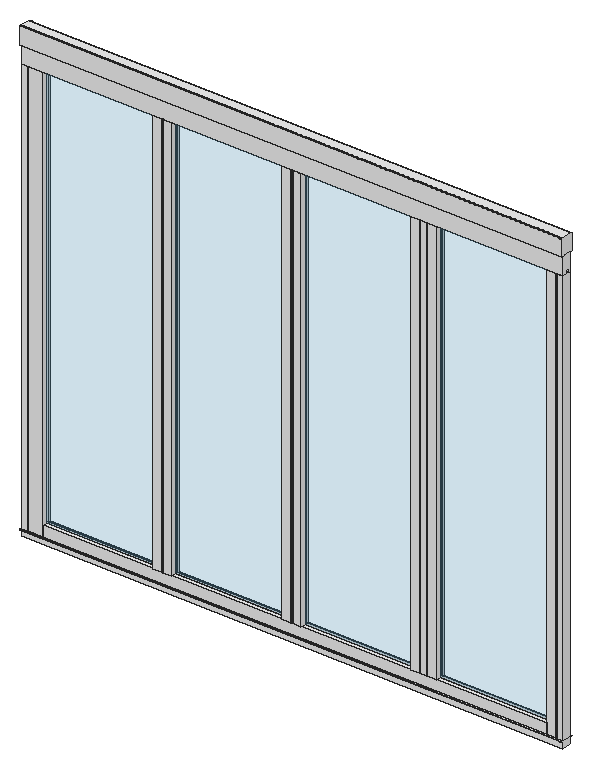
Revit family "Window-NanaWall-HSW-60", category Windows, host Wall, Revit 2013 (continued)
Definition of nested family "Sill_HSW60"
  Definition of nested family "Profile_Sill_HSW60"
    Lines and regions (in)
      model lines, style "DetailComponents", in view "Ref. Level"
        curve 1021: line (0.41656, 2.80303, 0) -> (0.41656, 2.71738, 0)
        curve 1022: line (0.13237, 2.55387, 0) -> (0.3387, 2.55387, 0)
        curve 1023: line (0.3387, 2.55387, 0) -> (0.3387, 2.60433, 0)
        curve 1024: line (0.3387, 2.60433, 0) -> (0.12438, 2.68375, 0)
        curve 1025: line (0.41656, 2.22398, 0) -> (0.58291, 2.05764, 0)
        curve 1026: line (0.56914, 2.02441, 0) -> (0.54968, 2.02441, 0)
        curve 1027: line (0.64236, 2.73685, 0) -> (1.05114, 2.73685, 0)
        curve 1028: line (0.41656, 2.41761, 0) -> (0.41656, 2.33586, 0)
        curve 1029: line (0.41656, 2.33586, 0) -> (0.5645, 2.33586, 0)
        curve 1030: line (0.42824, 2.42929, 0) -> (0.45549, 2.42929, 0)
        curve 1031: line (0.45549, 2.42929, 0) -> (0.45549, 2.39036, 0)
        curve 1032: line (0.45549, 2.39036, 0) -> (0.54503, 2.39036, 0)
        curve 1033: line (0.54503, 2.39036, 0) -> (0.54503, 2.74463, 0)
        curve 1034: line (0.54503, 2.74463, 0) -> (0.45549, 2.74463, 0)
        curve 1035: line (0.45549, 2.74463, 0) -> (0.45549, 2.7057, 0)
        curve 1036: line (0.45549, 2.7057, 0) -> (0.45549, 2.68624, 0)
        curve 1037: line (0.45549, 2.68624, 0) -> (0.39451, 2.49923, 0)
        curve 1038: line (0.60343, 2.37479, 0) -> (0.60343, 2.69792, 0)
        curve 1039: line (1.03556, 1.82197, 0) -> (1.03556, 1.93098, 0)
        curve 1040: line (1.03556, 1.93098, 0) -> (1.07866, 1.97408, 0)
        curve 1041: line (1.09007, 2.69792, 0) -> (1.09007, 2.10227, 0)
        curve 1042: line (1.09007, 2.10227, 0) -> (1.03556, 2.04777, 0)
        curve 1043: line (1.03556, 2.04777, 0) -> (1.03556, 2.00806, 0)
        curve 1044: line (1.03556, 2.00806, 0) -> (0.98106, 1.95355, 0)
        curve 1045: line (0.98106, 1.95355, 0) -> (0.98106, 1.84533, 0)
        curve 1046: line (0.92072, 1.74411, 0) -> (0.9577, 1.74411, 0)
        curve 1047: line (0.94213, 1.8064, 0) -> (0.92072, 1.8064, 0)
        curve 1048: line (1.09007, 2.00161, 0) -> (1.09007, 2.02441, 0)
        curve 1049: line (1.13678, 2.02441, 0) -> (1.15625, 2.02441, 0)
        curve 1050: line (0.10901, 2.877, 0) -> (0.10901, 2.21887, 0)
        curve 1051: line (0.10901, 2.21887, 0) -> (-0.82534, 2.21887, 0)
        curve 1052: line (-0.82534, 2.21887, 0) -> (-0.82534, 2.77316, 0)
        curve 1053: line (-0.5937, 0.0584, 0) -> (-0.52557, 0.0584, 0)
        curve 1054: line (-0.52557, 0.0584, 0) -> (-0.5061, 0.07786, 0)
        curve 1055: line (-0.5061, 0.07786, 0) -> (-0.42824, 0.07786, 0)
        curve 1056: line (-0.42824, 0.07786, 0) -> (-0.40878, 0.0584, 0)
        curve 1057: line (-0.40878, 0.0584, 0) -> (-0.36984, 0.0584, 0)
        curve 1058: line (-0.36984, 0.0584, 0) -> (-0.35038, 0.07786, 0)
        curve 1059: line (-0.35038, 0.07786, 0) -> (-0.27252, 0.07786, 0)
        curve 1060: line (-0.27252, 0.07786, 0) -> (-0.25305, 0.0584, 0)
        curve 1061: line (-0.25305, 0.0584, 0) -> (-0.21412, 0.0584, 0)
        curve 1062: line (-0.21412, 0.0584, 0) -> (-0.19465, 0.07786, 0)
        curve 1063: line (-0.19465, 0.07786, 0) -> (-0.11679, 0.07786, 0)
        curve 1064: line (-0.11679, 0.07786, 0) -> (-0.09733, 0.0584, 0)
        curve 1065: line (-0.09733, 0.0584, 0) -> (-0.0584, 0.0584, 0)
        curve 1066: line (-0.0584, 0.0584, 0) -> (-0.03893, 0.07786, 0)
        curve 1067: line (-0.03893, 0.07786, 0) -> (0.03893, 0.07786, 0)
        curve 1068: line (0.03893, 0.07786, 0) -> (0.0584, 0.0584, 0)
        curve 1069: line (0.0584, 0.0584, 0) -> (0.03893, 0.07786, 0)
        curve 1070: line (0.03893, 0.07786, 0) -> (-0.03893, 0.07786, 0)
        curve 1071: line (-0.03893, 0.07786, 0) -> (-0.0584, 0.0584, 0)
        curve 1072: line (-0.0584, 0.0584, 0) -> (-0.09733, 0.0584, 0)
        curve 1073: line (-0.09733, 0.0584, 0) -> (-0.11679, 0.07786, 0)
        curve 1074: line (-0.11679, 0.07786, 0) -> (-0.19465, 0.07786, 0)
        curve 1075: line (-0.19465, 0.07786, 0) -> (-0.21412, 0.0584, 0)
        curve 1076: line (-0.21412, 0.0584, 0) -> (-0.25305, 0.0584, 0)
        curve 1077: line (-0.25305, 0.0584, 0) -> (-0.27252, 0.07786, 0)
        curve 1078: line (-0.27252, 0.07786, 0) -> (-0.35038, 0.07786, 0)
        curve 1079: line (-0.35038, 0.07786, 0) -> (-0.36984, 0.0584, 0)
        curve 1080: line (-0.36984, 0.0584, 0) -> (-0.40878, 0.0584, 0)
        curve 1081: line (-0.40878, 0.0584, 0) -> (-0.42824, 0.07786, 0)
        curve 1082: line (-0.42824, 0.07786, 0) -> (-0.5061, 0.07786, 0)
        curve 1083: line (-0.5061, 0.07786, 0) -> (-0.52557, 0.0584, 0)
        curve 1084: line (-0.52557, 0.0584, 0) -> (-0.60343, 0.0584, 0)
        curve 1085: line (0.60343, -0.21412, 0) -> (0.58396, -0.21412, 0)
        curve 1086: line (0.6229, 0.03893, 0) -> (0.6229, -0.0584, 0)
        curve 1087: line (0.6229, -0.0584, 0) -> (0.56616, -0.18679, 0)
        curve 1088: line (-0.6229, 0.03893, 0) -> (-0.6229, -0.0584, 0)
        curve 1089: line (-0.6229, -0.0584, 0) -> (-0.56616, -0.18679, 0)
        curve 1090: line (-0.60343, -0.21412, 0) -> (-0.58396, -0.21412, 0)
        curve 1091: line (-0.6229, -0.23359, 0) -> (-0.6229, -0.36984, 0)
        curve 1092: line (-0.60343, -0.38931, 0) -> (-0.47523, -0.38931, 0)
        curve 1093: line (-0.39501, -0.31715, 0) -> (-0.46147, -0.38361, 0)
        curve 1094: line (0.38125, -0.31145, 0) -> (-0.38125, -0.31145, 0)
        curve 1095: line (0.46147, -0.38361, 0) -> (0.39501, -0.31715, 0)
        curve 1096: line (0.6229, -0.36984, 0) -> (0.6229, -0.23359, 0)
        curve 1097: line (0.47523, -0.38931, 0) -> (0.60343, -0.38931, 0)
Definition of nested family "Header_HSW60"
  Parameters (values of type "Header_HSW60")
    system length 1 = 12' - 0"
    Height = 10' - 0"
    Header = Metal - NanaWall - Aluminum
    Bottom = yes
    Assembly Code = ""
  Reference planes (in)
    plane 1 "Center (Front/Back)": y = 0
    plane 2: z = 0
    plane 3 "Center (Left/Right)": x = -7.30207
    plane 4 "Left": x = -79.30207
    plane 5 "Right": x = 64.69793
    plane 6 "Top": z = 120
  Forms (in)
    Sweep 1, solid, material "Metal - NanaWall - Aluminum" <- "Header"
      path origin (-67.09578, -180, 120) x (-1, 0, 0) y (0, -1, 0)
        loop
          line (12.20629, -180) -> (-131.79371, -180)
      profile origin (-7.30207, 0, 120) x (0, 1, 0) y (0, 0, 1)
        loop
          line (1.57762, -4.53565) -> (1.57762, -0.13465) -> (1.51057, -0.13465) -> (1.51057, -0.26622) -> (1.28181, -0.26622) -> (1.28181, 0) -> (-1.28181, 0) -> (-1.28181, -0.26622) -> (-1.51057, -0.26622) -> (-1.51057, -0.13465) -> (-1.57762, -0.13465) -> (-1.57762, -4.53565) -> (1.57762, -4.53565)
    Sweep 2, solid, material "Metal - NanaWall - Aluminum" <- "Header", visible <- "Bottom"
      path origin (-67.09578, -180, 120) x (-1, 0, 0) y (0, -1, 0)
        loop
          line (12.20629, -180) -> (-131.79371, -180)
      profile origin (-7.30207, 0, 120) x (0, 1, 0) y (0, 0, 1)
        loop
          line (1.17138, -9.26512) -> (1.17138, -4.53565) -> (-1.17138, -4.53565) -> (-1.17138, -9.24934) -> (-0.83614, -9.24934) -> (-0.83614, -8.47611) -> (0.11043, -8.47611) -> (0.11043, -9.26512) -> (1.17138, -9.26512)
  Lines and regions (in)
    Masking region 1
      outline origin (-7.30207, 0, 0) x (0, 1, 0) y (0, 0, 1)
        loop
          line (-1.17138, 110.75066) -> (-0.83614, 110.75066) -> (-0.83614, 111.52389) -> (0.11043, 111.52389) -> (0.11043, 110.73488) -> (1.17138, 110.73488) -> (1.17138, 115.46435) -> (1.57762, 115.46435) -> (1.57762, 119.86535) -> (1.51057, 119.86535) -> (1.51057, 119.73378) -> (1.28181, 119.73378) -> (1.28181, 120) -> (-1.28181, 120) -> (-1.28181, 119.73378) -> (-1.51057, 119.73378) -> (-1.51057, 119.86535) -> (-1.57762, 119.86535) -> (-1.57762, 115.46435) -> (-1.17138, 115.46435) -> (-1.17138, 110.75066)
  Dimensions and locks (in)
    equal spacing: plane 4 "Left", plane 3 "Center (Left/Right)", plane 5 "Right"
    "system length 1": plane 4 "Left" to plane 5 "Right"
    "Height": plane 6 "Top" to level
    aligned: nested 1 to plane 6 "Top"
    aligned and locked: nested 1 to plane 1 "Center (Front/Back)"
    aligned and locked: nested 1 to plane 6 "Top"
    aligned and locked: profile plane to Sweep 1 sketch curve
    aligned and locked: nested 2 to plane 1 "Center (Front/Back)"
    aligned and locked: nested 2 to plane 6 "Top"
  Automatic sketch dimensions
    plane 1 "Center (Front/Back)" to Sweep 1 sketch curve = 0' - 0"
    Sweep 1 sketch curve to plane 5 "Right" = 0' - 0"
    Sweep 1 sketch curve to plane 4 "Left" = 0' - 0"
    Sweep 1 sketch curve to plane 6 "Top" = 0' - 0.13465"  (x2)
    profile plane to Sweep 1 sketch curve = 0' - 1.57762"
    Sweep 1 sketch curve to Sweep 1 sketch curve = 0' - 0.06705"
    Sweep 1 sketch curve to Sweep 1 sketch curve = 0' - 0.22875"  (x2)
    Sweep 1 sketch curve to profile plane = 0' - 1.28181"
    Sweep 1 sketch curve to Sweep 1 sketch curve = 0' - 3.15524"
    Sweep 1 sketch curve to Sweep 1 sketch curve = 0' - 0.13157"  (x2)
    Sweep 1 sketch curve to Sweep 1 sketch curve = 0' - 4.26943"
    Masking region 1 sketch curve to plane 6 "Top" = 0' - 0"
    Masking region 1 sketch curve to plane 6 "Top" = 0' - 0.13465"  (x2)
    plane 1 "Center (Front/Back)" to Masking region 1 sketch curve = 0' - 1.57762"
    Masking region 1 sketch curve to Masking region 1 sketch curve = 0' - 0.06705"  (x2)
    Masking region 1 sketch curve to Masking region 1 sketch curve = 0' - 0.22875"  (x2)
    Masking region 1 sketch curve to Masking region 1 sketch curve = 0' - 0 13/32"
    plane 1 "Center (Front/Back)" to Masking region 1 sketch curve = 0' - 0.83614"
    Masking region 1 sketch curve to plane 1 "Center (Front/Back)" = 0' - 0.11043"
    Masking region 1 sketch curve to Masking region 1 sketch curve = 0' - 1.06095"
    Masking region 1 sketch curve to plane 1 "Center (Front/Back)" = 0' - 1.28181"
    Masking region 1 sketch curve to plane 6 "Top" = 0' - 0.26622"
    Masking region 1 sketch curve to Masking region 1 sketch curve = 0' - 0.13157"
    Masking region 1 sketch curve to Masking region 1 sketch curve = 0' - 4.26943"
    Masking region 1 sketch curve to Masking region 1 sketch curve = 0' - 0"
    Masking region 1 sketch curve to Masking region 1 sketch curve = 0' - 3.94046"
    Masking region 1 sketch curve to Masking region 1 sketch curve = 0' - 0.77323"
    Masking region 1 sketch curve to Masking region 1 sketch curve = 0' - 0.78901"
    Sweep 2 sketch curve to Sweep 2 sketch curve = 0' - 0.33524"
    Sweep 2 sketch curve to profile plane = 0' - 0.11043"
    Sweep 2 sketch curve to Sweep 2 sketch curve = 0' - 1.06095"
    Sweep 2 sketch curve to Sweep 2 sketch curve = 0' - 0.77323"
    Sweep 2 sketch curve to Sweep 2 sketch curve = 0' - 0.78901"
    Sweep 2 sketch curve to Sweep 2 sketch curve = 0' - 3.94046"
    profile plane to Sweep 2 sketch curve = 0' - 0.83614"
    Sweep 2 sketch curve to profile plane = 0' - 9.26512"
    plane 1 "Center (Front/Back)" to Sweep 2 sketch curve = 0' - 0"
    Sweep 2 sketch curve to plane 5 "Right" = 0' - 0"
    Sweep 2 sketch curve to plane 4 "Left" = 0' - 0"
  Nested families (in)
    nested 1: "Headbottom_HSW60" at (-79.30207, 0, 120) x (0, 1, 0) z (1, 0, 0), visible <- "Bottom", type "Headbottom_HSW60"
    nested 2: "Headtop_HSW60" at (-79.30207, 0, 120) x (0, 1, 0) z (1, 0, 0), type "Headtop_HSW60"
  Definition of nested family "Headbottom_HSW60"
    Parameters (values of type "Headbottom_HSW60")
      Assembly Code = ""
      95 CSI = ""
      04 CSI = ""
    Reference planes (in)
      plane 1 "Center (Front/Back)": y = 0
      plane 2: z = 0
      plane 3 "Center (Left/Right)": x = 0
    Lines and regions (in)
      model lines, style "DetailComponents", in view "Ref. Level"
        curve 1: line (-0.5465, -5.16048, 0) -> (-0.40988, -5.20275, 0)
        curve 2: line (-0.40988, -5.20275, 0) -> (-0.27325, -5.16048, 0)
        curve 3: line (-0.40988, -4.88723, 0) -> (-0.27325, -4.9295, 0)
        curve 4: line (-0.27325, -5.16048, 0) -> (0, -5.20275, 0)
        curve 5: line (0.40988, -4.88723, 0) -> (0.5465, -4.9295, 0)
        curve 6: line (-0.5465, -4.9295, 0) -> (-0.40988, -4.88723, 0)
        curve 7: line (0.40988, -5.20275, 0) -> (0.5465, -5.16048, 0)
        curve 8: line (0.27325, -5.16048, 0) -> (0.40988, -5.20275, 0)
        curve 9: line (0.27325, -4.9295, 0) -> (0.40988, -4.88723, 0)
        curve 10: line (-0.27325, -4.9295, 0) -> (0, -4.88723, 0)
        curve 11: line (0, -4.88723, 0) -> (0.27325, -4.9295, 0)
        curve 12: line (0, -5.20275, 0) -> (0.27325, -5.16048, 0)
        curve 13: arc (-0.76782, -6.25415, 0) -> (-0.78226, -6.23533, 0) -> (-0.80489, -6.2282, 0) r 0.03944
        curve 14: arc (-0.55217, -6.55516, 0) -> (-0.55373, -6.54418, 0) -> (-0.55828, -6.53406, 0) r 0.03944
        curve 15: arc (0.80489, -6.2282, 0) -> (0.78226, -6.23533, 0) -> (0.76782, -6.25415, 0) r 0.03944
        curve 16: arc (0.55828, -6.53406, 0) -> (0.55373, -6.54418, 0) -> (0.55217, -6.55516, 0) r 0.03944
        curve 17: arc (-0.13093, -5.94226, 0) -> (-0.13815, -5.93504, 0) -> (-0.14801, -5.9324, 0) r 0.01972
        curve 18: arc (-0.08138, -6.06246, 0) -> (-0.07402, -6.05066, 0) -> (-0.07627, -6.03693, 0) r 0.01972
        curve 19: arc (-0.08138, -6.06246, 0) -> (-0.13389, -6.17651, 0) -> (-0.06902, -6.28401, 0) r 0.1341
        curve 20: arc (-0.06902, -6.33255, 0) -> (0, -6.34652, 0) -> (0.06902, -6.33255, 0) r 0.17748
        curve 21: arc (0.06902, -6.28401, 0) -> (0.13389, -6.17651, 0) -> (0.08138, -6.06246, 0) r 0.1341
        curve 22: arc (0.07627, -6.03693, 0) -> (0.07402, -6.05066, 0) -> (0.08138, -6.06246, 0) r 0.01972
        curve 23: arc (0.14801, -5.9324, 0) -> (0.13815, -5.93504, 0) -> (0.13093, -5.94226, 0) r 0.01972
        curve 24: arc (0.45357, -5.97184, 0) -> (0.44201, -5.94395, 0) -> (0.41412, -5.9324, 0) r 0.03944
        curve 25: arc (0.45357, -6.09016, 0) -> (0.50245, -6.14842, 0) -> (0.56832, -6.11039, 0) r 0.05916
        curve 26: arc (0.63919, -5.99156, 0) -> (0.61657, -5.99869, 0) -> (0.60213, -6.01751, 0) r 0.03944
        curve 27: arc (0.91852, -6.01128, 0) -> (0.90408, -5.99684, 0) -> (0.88436, -5.99156, 0) r 0.03944
        curve 28: arc (0.97694, -6.1584, 0) -> (0.98575, -6.14053, 0) -> (0.98186, -6.12099, 0) r 0.03098
        curve 29: arc (0.89079, -6.2282, 0) -> (0.90589, -6.2252, 0) -> (0.91868, -6.21665, 0) r 0.03944
        curve 30: arc (0.73044, -6.31828, 0) -> (0.74415, -6.3091, 0) -> (0.75291, -6.29512, 0) r 0.03944
        curve 31: arc (0.73044, -6.31828, 0) -> (0.68806, -6.34344, 0) -> (0.65551, -6.38047, 0) r 0.15776
        curve 32: arc (0.51273, -6.85925, 0) -> (0.54061, -6.8477, 0) -> (0.55217, -6.81981, 0) r 0.03944
        curve 33: arc (-0.55217, -6.81981, 0) -> (-0.54061, -6.8477, 0) -> (-0.51273, -6.85925, 0) r 0.03944
        curve 34: arc (-0.65551, -6.38047, 0) -> (-0.68806, -6.34344, 0) -> (-0.73044, -6.31828, 0) r 0.15776
        curve 35: arc (-0.75291, -6.29512, 0) -> (-0.74415, -6.3091, 0) -> (-0.73044, -6.31828, 0) r 0.03944
        curve 36: arc (-0.91868, -6.21665, 0) -> (-0.90589, -6.2252, 0) -> (-0.89079, -6.2282, 0) r 0.03944
        curve 37: arc (-0.98186, -6.12099, 0) -> (-0.98575, -6.14053, 0) -> (-0.97694, -6.1584, 0) r 0.03098
        curve 38: arc (-0.88436, -5.99156, 0) -> (-0.90408, -5.99684, 0) -> (-0.91852, -6.01128, 0) r 0.03944
        curve 39: arc (-0.60213, -6.01751, 0) -> (-0.61657, -5.99869, 0) -> (-0.63919, -5.99156, 0) r 0.03944
        curve 40: arc (-0.56832, -6.11039, 0) -> (-0.50245, -6.14842, 0) -> (-0.45357, -6.09016, 0) r 0.05916
        curve 41: arc (-0.41412, -5.9324, 0) -> (-0.44201, -5.94395, 0) -> (-0.45357, -5.97184, 0) r 0.03944
        curve 42: arc (0.35749, -8.35799, 0) -> (0.34763, -8.36063, 0) -> (0.34041, -8.36785, 0) r 0.01972
        curve 43: arc (-0.34041, -8.36785, 0) -> (-0.34763, -8.36063, 0) -> (-0.35749, -8.35799, 0) r 0.01972
        curve 44: arc (-0.2442, -8.38461, 0) -> (-0.24161, -8.38853, 0) -> (-0.23858, -8.39212, 0) r 0.03944
        curve 45: arc (-0.23641, -8.39422, 0) -> (-0.23387, -8.39632, 0) -> (-0.23117, -8.3982, 0) r 0.03944
        curve 46: arc (-0.22833, -8.39984, 0) -> (-0.22535, -8.40124, 0) -> (-0.22226, -8.40239, 0) r 0.03944
        curve 47: arc (-0.21937, -8.40321, 0) -> (-0.21474, -8.40405, 0) -> (-0.21005, -8.40433, 0) r 0.03944
        curve 48: arc (0.21005, -8.40433, 0) -> (0.21474, -8.40405, 0) -> (0.21937, -8.40321, 0) r 0.03944
        curve 49: arc (0.22227, -8.40239, 0) -> (0.22535, -8.40124, 0) -> (0.22833, -8.39983, 0) r 0.03944
        curve 50: arc (0.23117, -8.3982, 0) -> (0.23388, -8.39632, 0) -> (0.23642, -8.39422, 0) r 0.03944
        curve 51: arc (0.23857, -8.39212, 0) -> (0.24161, -8.38853, 0) -> (0.2442, -8.38461, 0) r 0.03944
        curve 52: arc (-0.47329, -8.39447, 0) -> (-0.47098, -8.40005, 0) -> (-0.4654, -8.40236, 0) r 0.00789
        curve 53: arc (-0.4654, -8.23473, 0) -> (-0.47098, -8.23705, 0) -> (-0.47329, -8.24262, 0) r 0.00789
        curve 54: arc (-0.31857, -8.28022, 0) -> (-0.32319, -8.27939, 0) -> (-0.32789, -8.27911, 0) r 0.03944
        curve 55: arc (-0.3096, -8.2836, 0) -> (-0.31258, -8.2822, 0) -> (-0.31567, -8.28105, 0) r 0.03944
        curve 56: arc (-0.30152, -8.28922, 0) -> (-0.30406, -8.28712, 0) -> (-0.30676, -8.28524, 0) r 0.03944
        curve 57: arc (-0.29373, -8.29883, 0) -> (-0.29632, -8.2949, 0) -> (-0.29936, -8.29131, 0) r 0.03944
        curve 58: arc (0.29936, -8.29131, 0) -> (0.29632, -8.2949, 0) -> (0.29373, -8.29883, 0) r 0.03944
        curve 59: arc (0.30677, -8.28524, 0) -> (0.30406, -8.28712, 0) -> (0.30152, -8.28921, 0) r 0.03944
        curve 60: arc (0.31567, -8.28104, 0) -> (0.31258, -8.2822, 0) -> (0.3096, -8.2836, 0) r 0.03944
        curve 61: arc (0.32789, -8.27911, 0) -> (0.32319, -8.27939, 0) -> (0.31856, -8.28022, 0) r 0.03944
        curve 62: arc (0.47329, -8.24262, 0) -> (0.47098, -8.23705, 0) -> (0.4654, -8.23473, 0) r 0.00789
        curve 63: arc (0.4654, -8.40236, 0) -> (0.47098, -8.40005, 0) -> (0.47329, -8.39447, 0) r 0.00789
        curve 64: arc (-0.28178, -8.46941, 0) -> (-0.27456, -8.47662, 0) -> (-0.2647, -8.47927, 0) r 0.01972
        curve 65: arc (0.2647, -8.47927, 0) -> (0.27456, -8.47662, 0) -> (0.28178, -8.46941, 0) r 0.01972
        curve 66: arc (-0.2647, -7.40846, 0) -> (-0.27456, -7.4111, 0) -> (-0.28178, -7.41832, 0) r 0.01972
        curve 67: arc (-0.4654, -7.48537, 0) -> (-0.47098, -7.48768, 0) -> (-0.47329, -7.49325, 0) r 0.00789
        curve 68: arc (-0.47329, -7.6451, 0) -> (-0.47098, -7.65068, 0) -> (-0.4654, -7.65299, 0) r 0.00789
        curve 69: arc (-0.29936, -7.59641, 0) -> (-0.29632, -7.59282, 0) -> (-0.29373, -7.5889, 0) r 0.03944
        curve 70: arc (-0.30676, -7.60248, 0) -> (-0.30406, -7.6006, 0) -> (-0.30152, -7.59851, 0) r 0.03944
        curve 71: arc (-0.31567, -7.60668, 0) -> (-0.31258, -7.60553, 0) -> (-0.3096, -7.60412, 0) r 0.03944
        curve 72: arc (-0.32789, -7.60862, 0) -> (-0.32319, -7.60834, 0) -> (-0.31857, -7.6075, 0) r 0.03944
        curve 73: arc (0.31856, -7.6075, 0) -> (0.32319, -7.60834, 0) -> (0.32789, -7.60862, 0) r 0.03944
        curve 74: arc (0.3096, -7.60412, 0) -> (0.31258, -7.60553, 0) -> (0.31567, -7.60668, 0) r 0.03944
        curve 75: arc (0.30152, -7.59851, 0) -> (0.30406, -7.60061, 0) -> (0.30677, -7.60249, 0) r 0.03944
        curve 76: arc (0.29373, -7.5889, 0) -> (0.29632, -7.59282, 0) -> (0.29936, -7.59641, 0) r 0.03944
        curve 77: arc (0.4654, -7.65299, 0) -> (0.47098, -7.65068, 0) -> (0.47329, -7.6451, 0) r 0.00789
        curve 78: arc (0.47329, -7.49325, 0) -> (0.47098, -7.48768, 0) -> (0.4654, -7.48537, 0) r 0.00789
        curve 79: arc (0.28178, -7.41832, 0) -> (0.27456, -7.4111, 0) -> (0.2647, -7.40846, 0) r 0.01972
        curve 80: arc (0.34041, -7.51988, 0) -> (0.34763, -7.52709, 0) -> (0.35749, -7.52974, 0) r 0.01972
        curve 81: arc (-0.35749, -7.52974, 0) -> (-0.34763, -7.52709, 0) -> (-0.34041, -7.51988, 0) r 0.01972
        curve 82: arc (-0.21005, -7.48339, 0) -> (-0.21474, -7.48367, 0) -> (-0.21937, -7.48451, 0) r 0.03944
        curve 83: arc (-0.22226, -7.48533, 0) -> (-0.22535, -7.48648, 0) -> (-0.22833, -7.48789, 0) r 0.03944
        curve 84: arc (-0.23117, -7.48953, 0) -> (-0.23387, -7.4914, 0) -> (-0.23641, -7.4935, 0) r 0.03944
        curve 85: arc (-0.23858, -7.4956, 0) -> (-0.24161, -7.49919, 0) -> (-0.2442, -7.50311, 0) r 0.03944
        curve 86: arc (0.2442, -7.50311, 0) -> (0.24161, -7.49919, 0) -> (0.23857, -7.4956, 0) r 0.03944
        curve 87: arc (0.23642, -7.49351, 0) -> (0.23388, -7.49141, 0) -> (0.23117, -7.48953, 0) r 0.03944
        curve 88: arc (0.22833, -7.48789, 0) -> (0.22535, -7.48649, 0) -> (0.22227, -7.48534, 0) r 0.03944
        curve 89: arc (0.21937, -7.48451, 0) -> (0.21474, -7.48367, 0) -> (0.21005, -7.48339, 0) r 0.03944
        curve 90: arc (1.07278, -5.22247, 0) -> (1.067, -5.20853, 0) -> (1.05306, -5.20275, 0) r 0.01972
        curve 91: arc (0.6133, -5.99156, 0) -> (0.60199, -5.99513, 0) -> (0.59477, -6.00453, 0) r 0.01972
        curve 92: arc (0.91282, -6.00142, 0) -> (0.90561, -5.9942, 0) -> (0.89575, -5.99156, 0) r 0.01972
        curve 93: arc (1.03334, -5.79436, 0) -> (1.06123, -5.7828, 0) -> (1.07278, -5.75492, 0) r 0.03944
        curve 94: arc (0.93474, -7.08406, 0) -> (0.99052, -7.06096, 0) -> (1.01362, -7.00518, 0) r 0.07888
        curve 95: arc (1.01362, -6.19714, 0) -> (1.01093, -6.17672, 0) -> (1.00305, -6.1577, 0) r 0.07888
        curve 96: arc (1.03334, -4.92667, 0) -> (1.0194, -4.93244, 0) -> (1.01362, -4.94639, 0) r 0.01972
        curve 97: arc (1.10433, -8.35404, 0) -> (1.07648, -8.253, 0) -> (1.0008, -8.1805, 0) r 0.1972
        curve 98: arc (0.93868, -8.1805, 0) -> (0.91079, -8.19206, 0) -> (0.89924, -8.21994, 0) r 0.03944
        curve 99: arc (0.9495, -8.29324, 0) -> (0.9468, -8.27547, 0) -> (0.93079, -8.26727, 0) r 0.01972
        curve 100: arc (0.84008, -8.47631, 0) -> (0.87927, -8.46366, 0) -> (0.90368, -8.43049, 0) r 0.06705
        curve 101: arc (0.33239, -8.45148, 0) -> (0.33579, -8.46859, 0) -> (0.35144, -8.47631, 0) r 0.01972
        curve 102: arc (0.3668, -8.36144, 0) -> (0.35983, -8.36098, 0) -> (0.35523, -8.36623, 0) r 0.00789
        curve 103: arc (0.46145, -8.41609, 0) -> (0.46934, -8.41609, 0) -> (0.47329, -8.40926, 0) r 0.00789
        curve 104: arc (0.47329, -8.22783, 0) -> (0.46934, -8.221, 0) -> (0.46145, -8.221, 0) r 0.00789
        curve 105: arc (0.35496, -8.26882, 0) -> (0.35891, -8.27565, 0) -> (0.3668, -8.27565, 0) r 0.00789
        curve 106: arc (1.10433, -8.45659, 0) -> (1.11011, -8.47053, 0) -> (1.12405, -8.47631, 0) r 0.01972
        curve 107: arc (0.37468, -8.18001, 0) -> (0.36025, -8.19445, 0) -> (0.35496, -8.21417, 0) r 0.03944
        curve 108: arc (0.35496, -7.67355, 0) -> (0.36025, -7.69327, 0) -> (0.37468, -7.70771, 0) r 0.03944
        curve 109: arc (0.35144, -7.41142, 0) -> (0.33579, -7.41913, 0) -> (0.33239, -7.43624, 0) r 0.01972
        curve 110: arc (0.65866, -7.41142, 0) -> (0.74232, -7.37676, 0) -> (0.77698, -7.29309, 0) r 0.11832
        curve 111: arc (0.7967, -7.08406, 0) -> (0.78275, -7.08984, 0) -> (0.77698, -7.10378, 0) r 0.01972
        curve 112: arc (0.48117, -6.09297, 0) -> (0.51377, -6.13181, 0) -> (0.55768, -6.10646, 0) r 0.03944
        curve 113: arc (0.50089, -5.79436, 0) -> (0.48695, -5.80013, 0) -> (0.48117, -5.81408, 0) r 0.01972
        curve 114: arc (0.87558, -5.28163, 0) -> (0.88952, -5.27585, 0) -> (0.8953, -5.26191, 0) r 0.01972
        curve 115: arc (0.82431, -5.26191, 0) -> (0.83008, -5.27585, 0) -> (0.84403, -5.28163, 0) r 0.01972
        curve 116: arc (0.6981, -5.18303, 0) -> (0.70387, -5.19697, 0) -> (0.71782, -5.20275, 0) r 0.01972
        curve 117: arc (0.71782, -4.92667, 0) -> (0.70387, -4.93244, 0) -> (0.6981, -4.94639, 0) r 0.01972
        curve 118: arc (0.83614, -4.94639, 0) -> (0.83036, -4.93244, 0) -> (0.81642, -4.92667, 0) r 0.01972
        curve 119: arc (0.80064, -5.05682, 0) -> (0.81459, -5.05104, 0) -> (0.82036, -5.0371, 0) r 0.01972
        curve 120: arc (1.0294, -5.0371, 0) -> (1.03517, -5.05104, 0) -> (1.04912, -5.05682, 0) r 0.01972
        curve 121: arc (0.66072, -7.47846, 0) -> (0.78165, -7.43359, 0) -> (0.84403, -7.3207, 0) r 0.18537
        curve 122: arc (0.94657, -8.11346, 0) -> (0.87127, -8.14465, 0) -> (0.84008, -8.21994, 0) r 0.10649
        curve 123: arc (-0.84196, -7.3207, 0) -> (-0.77958, -7.43359, 0) -> (-0.65866, -7.47846, 0) r 0.18537
        curve 124: arc (-1.04912, -5.05682, 0) -> (-1.03517, -5.05104, 0) -> (-1.0294, -5.0371, 0) r 0.01972
        curve 125: arc (-1.01362, -4.94639, 0) -> (-1.0194, -4.93244, 0) -> (-1.03334, -4.92667, 0) r 0.01972
        curve 126: arc (-0.35144, -8.47631, 0) -> (-0.33579, -8.46859, 0) -> (-0.33239, -8.45148, 0) r 0.01972
        curve 127: arc (-0.35496, -8.21417, 0) -> (-0.3553, -8.20902, 0) -> (-0.35631, -8.20396, 0) r 0.03944
        curve 128: arc (-0.35631, -8.20396, 0) -> (-0.35797, -8.19908, 0) -> (-0.36025, -8.19445, 0) r 0.03944
        curve 129: arc (-0.36025, -8.19445, 0) -> (-0.36311, -8.19016, 0) -> (-0.36652, -8.18628, 0) r 0.03944
        curve 130: arc (-0.36652, -8.18628, 0) -> (-0.37039, -8.18288, 0) -> (-0.37468, -8.18001, 0) r 0.03944
        curve 131: arc (-0.37468, -7.70771, 0) -> (-0.37039, -7.70484, 0) -> (-0.36652, -7.70144, 0) r 0.03944
        curve 132: arc (-0.36652, -7.70144, 0) -> (-0.36311, -7.69756, 0) -> (-0.36025, -7.69327, 0) r 0.03944
        curve 133: arc (-0.36025, -7.69327, 0) -> (-0.35797, -7.68865, 0) -> (-0.35631, -7.68376, 0) r 0.03944
        curve 134: arc (-0.35631, -7.68376, 0) -> (-0.3553, -7.6787, 0) -> (-0.35496, -7.67355, 0) r 0.03944
        curve 135: arc (-0.33239, -7.43624, 0) -> (-0.33579, -7.41913, 0) -> (-0.35144, -7.41142, 0) r 0.01972
        curve 136: arc (-0.77698, -7.29309, 0) -> (-0.74232, -7.37676, 0) -> (-0.65866, -7.41142, 0) r 0.11832
        curve 137: arc (-0.77698, -7.10378, 0) -> (-0.78275, -7.08984, 0) -> (-0.7967, -7.08406, 0) r 0.01972
        curve 138: arc (-0.55768, -6.10646, 0) -> (-0.51377, -6.13181, 0) -> (-0.48117, -6.09297, 0) r 0.03944
        curve 139: arc (-0.48117, -5.81408, 0) -> (-0.48695, -5.80013, 0) -> (-0.50089, -5.79436, 0) r 0.01972
        curve 140: arc (-0.8953, -5.26191, 0) -> (-0.88952, -5.27585, 0) -> (-0.87558, -5.28163, 0) r 0.01972
        curve 141: arc (-0.84403, -5.28163, 0) -> (-0.83008, -5.27585, 0) -> (-0.82431, -5.26191, 0) r 0.01972
        curve 142: arc (-0.71782, -5.20275, 0) -> (-0.70387, -5.19697, 0) -> (-0.6981, -5.18303, 0) r 0.01972
        curve 143: arc (-0.6981, -4.94639, 0) -> (-0.70387, -4.93244, 0) -> (-0.71782, -4.92667, 0) r 0.01972
        curve 144: arc (-0.81642, -4.92667, 0) -> (-0.83036, -4.93244, 0) -> (-0.83614, -4.94639, 0) r 0.01972
        curve 145: arc (-0.82036, -5.0371, 0) -> (-0.81459, -5.05104, 0) -> (-0.80064, -5.05682, 0) r 0.01972
        curve 146: arc (-1.05306, -5.20275, 0) -> (-1.067, -5.20853, 0) -> (-1.07278, -5.22247, 0) r 0.01972
        curve 147: arc (-0.89575, -5.99156, 0) -> (-0.90561, -5.9942, 0) -> (-0.91282, -6.00142, 0) r 0.01972
        curve 148: arc (-0.59477, -6.00453, 0) -> (-0.60199, -5.99513, 0) -> (-0.6133, -5.99156, 0) r 0.01972
        curve 149: arc (-1.07278, -5.75492, 0) -> (-1.06123, -5.7828, 0) -> (-1.03334, -5.79436, 0) r 0.03944
        curve 150: arc (-1.01362, -7.00518, 0) -> (-0.99052, -7.06096, 0) -> (-0.93474, -7.08406, 0) r 0.07888
        curve 151: arc (-1.00305, -6.1577, 0) -> (-1.01093, -6.17672, 0) -> (-1.01362, -6.19714, 0) r 0.07888
        curve 152: arc (-1.00573, -8.87071, 0) -> (-0.99737, -8.86725, 0) -> (-0.9939, -8.85888, 0) r 0.01183
        curve 153: arc (-0.9939, -9.16257, 0) -> (-0.99737, -9.15421, 0) -> (-1.00573, -9.15074, 0) r 0.01183
        curve 154: arc (-0.87361, -8.46732, 0) -> (-0.85744, -8.47402, 0) -> (-0.84008, -8.47631, 0) r 0.06705
        curve 155: arc (-0.9939, -8.8155, 0) -> (-1.00545, -8.78761, 0) -> (-1.03334, -8.77606, 0) r 0.03944
        curve 156: arc (0.35749, -8.35799, 0) -> (0.34763, -8.36063, 0) -> (0.34041, -8.36785, 0) r 0.01972
        curve 157: arc (-0.34041, -8.36785, 0) -> (-0.34763, -8.36063, 0) -> (-0.35749, -8.35799, 0) r 0.01972
        curve 158: arc (-0.2442, -8.38461, 0) -> (-0.24161, -8.38853, 0) -> (-0.23858, -8.39212, 0) r 0.03944
        curve 159: arc (-0.23641, -8.39422, 0) -> (-0.23387, -8.39632, 0) -> (-0.23117, -8.3982, 0) r 0.03944
        curve 160: arc (-0.22833, -8.39984, 0) -> (-0.22535, -8.40124, 0) -> (-0.22226, -8.40239, 0) r 0.03944
        curve 161: arc (-0.21937, -8.40321, 0) -> (-0.21474, -8.40405, 0) -> (-0.21005, -8.40433, 0) r 0.03944
        curve 162: arc (0.21005, -8.40433, 0) -> (0.21474, -8.40405, 0) -> (0.21937, -8.40321, 0) r 0.03944
        curve 163: arc (0.22227, -8.40239, 0) -> (0.22535, -8.40124, 0) -> (0.22833, -8.39983, 0) r 0.03944
        curve 164: arc (0.23117, -8.3982, 0) -> (0.23388, -8.39632, 0) -> (0.23642, -8.39422, 0) r 0.03944
        curve 165: arc (0.23857, -8.39212, 0) -> (0.24161, -8.38853, 0) -> (0.2442, -8.38461, 0) r 0.03944
        curve 166: arc (-0.47329, -8.39447, 0) -> (-0.47098, -8.40005, 0) -> (-0.4654, -8.40236, 0) r 0.00789
        curve 167: arc (-0.4654, -8.23473, 0) -> (-0.47098, -8.23705, 0) -> (-0.47329, -8.24262, 0) r 0.00789
        curve 168: arc (-0.31857, -8.28022, 0) -> (-0.32319, -8.27939, 0) -> (-0.32789, -8.27911, 0) r 0.03944
        curve 169: arc (-0.3096, -8.2836, 0) -> (-0.31258, -8.2822, 0) -> (-0.31567, -8.28105, 0) r 0.03944
        curve 170: arc (-0.30152, -8.28922, 0) -> (-0.30406, -8.28712, 0) -> (-0.30676, -8.28524, 0) r 0.03944
        curve 171: arc (-0.29373, -8.29883, 0) -> (-0.29632, -8.2949, 0) -> (-0.29936, -8.29131, 0) r 0.03944
        curve 172: arc (0.29936, -8.29131, 0) -> (0.29632, -8.2949, 0) -> (0.29373, -8.29883, 0) r 0.03944
        curve 173: arc (0.30677, -8.28524, 0) -> (0.30406, -8.28712, 0) -> (0.30152, -8.28921, 0) r 0.03944
        curve 174: arc (0.31567, -8.28104, 0) -> (0.31258, -8.2822, 0) -> (0.3096, -8.2836, 0) r 0.03944
        curve 175: arc (0.32789, -8.27911, 0) -> (0.32319, -8.27939, 0) -> (0.31856, -8.28022, 0) r 0.03944
        curve 176: arc (0.47329, -8.24262, 0) -> (0.47098, -8.23705, 0) -> (0.4654, -8.23473, 0) r 0.00789
        curve 177: arc (0.4654, -8.40236, 0) -> (0.47098, -8.40005, 0) -> (0.47329, -8.39447, 0) r 0.00789
        curve 178: arc (-0.28178, -8.46941, 0) -> (-0.27456, -8.47662, 0) -> (-0.2647, -8.47927, 0) r 0.01972
        curve 179: arc (0.2647, -8.47927, 0) -> (0.27456, -8.47662, 0) -> (0.28178, -8.46941, 0) r 0.01972
        curve 180: arc (-0.2647, -7.40846, 0) -> (-0.27456, -7.4111, 0) -> (-0.28178, -7.41832, 0) r 0.01972
        curve 181: arc (-0.4654, -7.48537, 0) -> (-0.47098, -7.48768, 0) -> (-0.47329, -7.49325, 0) r 0.00789
        curve 182: arc (-0.47329, -7.6451, 0) -> (-0.47098, -7.65068, 0) -> (-0.4654, -7.65299, 0) r 0.00789
        curve 183: arc (-0.29936, -7.59641, 0) -> (-0.29632, -7.59282, 0) -> (-0.29373, -7.5889, 0) r 0.03944
        curve 184: arc (-0.30676, -7.60248, 0) -> (-0.30406, -7.6006, 0) -> (-0.30152, -7.59851, 0) r 0.03944
        curve 185: arc (-0.31567, -7.60668, 0) -> (-0.31258, -7.60553, 0) -> (-0.3096, -7.60412, 0) r 0.03944
        curve 186: arc (-0.32789, -7.60862, 0) -> (-0.32319, -7.60834, 0) -> (-0.31857, -7.6075, 0) r 0.03944
        curve 187: arc (0.31856, -7.6075, 0) -> (0.32319, -7.60834, 0) -> (0.32789, -7.60862, 0) r 0.03944
        curve 188: arc (0.3096, -7.60412, 0) -> (0.31258, -7.60553, 0) -> (0.31567, -7.60668, 0) r 0.03944
        curve 189: arc (0.30152, -7.59851, 0) -> (0.30406, -7.60061, 0) -> (0.30677, -7.60249, 0) r 0.03944
        curve 190: arc (0.29373, -7.5889, 0) -> (0.29632, -7.59282, 0) -> (0.29936, -7.59641, 0) r 0.03944
        curve 191: arc (0.4654, -7.65299, 0) -> (0.47098, -7.65068, 0) -> (0.47329, -7.6451, 0) r 0.00789
        curve 192: arc (0.47329, -7.49325, 0) -> (0.47098, -7.48768, 0) -> (0.4654, -7.48537, 0) r 0.00789
        curve 193: arc (0.28178, -7.41832, 0) -> (0.27456, -7.4111, 0) -> (0.2647, -7.40846, 0) r 0.01972
        curve 194: arc (0.34041, -7.51988, 0) -> (0.34763, -7.52709, 0) -> (0.35749, -7.52974, 0) r 0.01972
        curve 195: arc (-0.35749, -7.52974, 0) -> (-0.34763, -7.52709, 0) -> (-0.34041, -7.51988, 0) r 0.01972
        curve 196: arc (-0.21005, -7.48339, 0) -> (-0.21474, -7.48367, 0) -> (-0.21937, -7.48451, 0) r 0.03944
        curve 197: arc (-0.22226, -7.48533, 0) -> (-0.22535, -7.48648, 0) -> (-0.22833, -7.48789, 0) r 0.03944
        curve 198: arc (-0.23117, -7.48953, 0) -> (-0.23387, -7.4914, 0) -> (-0.23641, -7.4935, 0) r 0.03944
        curve 199: arc (-0.23858, -7.4956, 0) -> (-0.24161, -7.49919, 0) -> (-0.2442, -7.50311, 0) r 0.03944
        curve 200: arc (0.2442, -7.50311, 0) -> (0.24161, -7.49919, 0) -> (0.23857, -7.4956, 0) r 0.03944
        curve 201: arc (0.23642, -7.49351, 0) -> (0.23388, -7.49141, 0) -> (0.23117, -7.48953, 0) r 0.03944
        curve 202: arc (0.22833, -7.48789, 0) -> (0.22535, -7.48649, 0) -> (0.22227, -7.48534, 0) r 0.03944
        curve 203: arc (0.21937, -7.48451, 0) -> (0.21474, -7.48367, 0) -> (0.21005, -7.48339, 0) r 0.03944
        curve 204: arc (-0.8629, -9.11507, 0) -> (-0.89887, -9.10678, 0) -> (-0.93575, -9.10519, 0) r 0.20137
        curve 205: arc (-0.9873, -9.26335, 0) -> (-0.93899, -9.29632, 0) -> (-0.88386, -9.31587, 0) r 0.22718
        curve 206: arc (-0.95643, -9.08549, 0) -> (-0.95031, -9.09977, 0) -> (-0.93575, -9.10519, 0) r 0.01972
        curve 207: arc (-1.07551, -9.09901, 0) -> (-1.05079, -9.07081, 0) -> (-1.04187, -9.03439, 0) r 0.07888
        curve 208: arc (-0.95643, -8.87071, 0) -> (-0.96448, -8.84862, 0) -> (-0.98601, -8.83916, 0) r 0.02992
        curve 209: arc (-1.04187, -8.99495, 0) -> (-1.05079, -8.95853, 0) -> (-1.07551, -8.93033, 0) r 0.07888
        curve 210: arc (-1.08771, -8.89353, 0) -> (-1.09342, -8.9092, 0) -> (-1.08508, -8.92363, 0) r 0.01972
        curve 211: arc (-1.08508, -9.10571, 0) -> (-1.09342, -9.12014, 0) -> (-1.08771, -9.13581, 0) r 0.01972
        curve 212: arc (-0.9939, -9.24863, 0) -> (-0.99217, -9.25669, 0) -> (-0.9873, -9.26335, 0) r 0.01972
        curve 213: arc (-0.88386, -9.31587, 0) -> (-0.85079, -9.30799, 0) -> (-0.83614, -9.27731, 0) r 0.03944
        curve 214: arc (-0.83614, -9.15242, 0) -> (-0.84352, -9.12945, 0) -> (-0.8629, -9.11507, 0) r 0.03944
        curve 215: arc (0.126, -9.14428, 0) -> (0.11124, -9.17264, 0) -> (0.13821, -9.18982, 0) r 0.02366
        curve 216: arc (0.12675, -9.31756, 0) -> (0.11073, -9.34377, 0) -> (0.1341, -9.36372, 0) r 0.02366
        curve 217: arc (0.40249, -8.90226, 0) -> (0.37492, -8.92846, 0) -> (0.39967, -8.95734, 0) r 0.02761
        curve 218: arc (0.12999, -8.96573, 0) -> (0.11052, -8.9911, 0) -> (0.1341, -9.0127, 0) r 0.02366
        curve 219: arc (0.59053, -8.50997, 0) -> (0.59481, -8.48848, 0) -> (0.57659, -8.47631, 0) r 0.01972
        curve 220: arc (0.42201, -8.67849, 0) -> (0.37698, -8.68745, 0) -> (0.40249, -8.72562, 0) r 0.02761
        curve 221: arc (0.55687, -8.47631, 0) -> (0.54178, -8.47931, 0) -> (0.52898, -8.48786, 0) r 0.03944
        curve 222: arc (0.42201, -8.87466, 0) -> (0.42548, -8.88302, 0) -> (0.43385, -8.88649, 0) r 0.01183
        curve 223: arc (0.43385, -9.16652, 0) -> (0.42548, -9.16998, 0) -> (0.42201, -9.17835, 0) r 0.01183
        curve 224: arc (0.61133, -9.15863, 0) -> (0.62288, -9.18652, 0) -> (0.65077, -9.19807, 0) r 0.03944
        curve 225: arc (0.61133, -8.83127, 0) -> (0.59978, -8.80338, 0) -> (0.57189, -8.79183, 0) r 0.03944
        curve 226: arc (1.10433, -8.47631, 0) -> (1.128, -8.48814, 0) -> (1.15166, -8.47631, 0) r 0.02958
        curve 227: arc (0.9939, -8.29488, 0) -> (0.98235, -8.26699, 0) -> (0.95446, -8.25544, 0) r 0.03944
        curve 228: arc (0.93277, -8.19234, 0) -> (0.90121, -8.22389, 0) -> (0.93277, -8.25544, 0) r 0.03155
        curve 229: arc (1.04912, -8.27122, 0) -> (1.02601, -8.21544, 0) -> (0.97024, -8.19234, 0) r 0.07888
        curve 230: arc (1.10433, -8.4532, 0) -> (1.10133, -8.43811, 0) -> (1.09278, -8.42532, 0) r 0.03944
        curve 231: arc (1.06489, -9.19807, 0) -> (1.09278, -9.18652, 0) -> (1.10433, -9.15863, 0) r 0.03944
        curve 232: arc (0.35144, -7.41142, 0) -> (0.33579, -7.41913, 0) -> (0.33239, -7.43624, 0) r 0.01972
        curve 233: arc (0.65866, -7.41142, 0) -> (0.74232, -7.37676, 0) -> (0.77698, -7.29309, 0) r 0.11832
        curve 234: arc (0.7967, -7.08406, 0) -> (0.78275, -7.08984, 0) -> (0.77698, -7.10378, 0) r 0.01972
        curve 235: arc (0.93474, -7.08406, 0) -> (0.99052, -7.06096, 0) -> (1.01362, -7.00518, 0) r 0.07888
        curve 236: arc (1.01362, -6.19714, 0) -> (1.01093, -6.17672, 0) -> (1.00305, -6.1577, 0) r 0.07888
        curve 237: arc (0.91282, -6.00142, 0) -> (0.90561, -5.9942, 0) -> (0.89575, -5.99156, 0) r 0.01972
        curve 238: arc (0.6133, -5.99156, 0) -> (0.60199, -5.99513, 0) -> (0.59477, -6.00453, 0) r 0.01972
        curve 239: arc (0.48117, -6.09297, 0) -> (0.51377, -6.13181, 0) -> (0.55768, -6.10646, 0) r 0.03944
        curve 240: arc (0.50089, -5.79436, 0) -> (0.48695, -5.80013, 0) -> (0.48117, -5.81408, 0) r 0.01972
        curve 241: arc (1.03334, -5.79436, 0) -> (1.06123, -5.7828, 0) -> (1.07278, -5.75492, 0) r 0.03944
        curve 242: arc (1.07278, -5.22247, 0) -> (1.067, -5.20853, 0) -> (1.05306, -5.20275, 0) r 0.01972
        curve 243: arc (0.87558, -5.28163, 0) -> (0.88952, -5.27585, 0) -> (0.8953, -5.26191, 0) r 0.01972
        curve 244: arc (0.82431, -5.26191, 0) -> (0.83008, -5.27585, 0) -> (0.84403, -5.28163, 0) r 0.01972
        curve 245: arc (0.6981, -5.18303, 0) -> (0.70387, -5.19697, 0) -> (0.71782, -5.20275, 0) r 0.01972
        curve 246: arc (0.71782, -4.92667, 0) -> (0.70387, -4.93244, 0) -> (0.6981, -4.94639, 0) r 0.01972
        curve 247: arc (0.83614, -4.94639, 0) -> (0.83036, -4.93244, 0) -> (0.81642, -4.92667, 0) r 0.01972
        curve 248: arc (0.80064, -5.05682, 0) -> (0.81459, -5.05104, 0) -> (0.82036, -5.0371, 0) r 0.01972
        curve 249: arc (1.0294, -5.0371, 0) -> (1.03517, -5.05104, 0) -> (1.04912, -5.05682, 0) r 0.01972
        curve 250: arc (1.03334, -4.92667, 0) -> (1.0194, -4.93244, 0) -> (1.01362, -4.94639, 0) r 0.01972
        curve 251: arc (1.10433, -8.45659, 0) -> (1.11011, -8.47053, 0) -> (1.12405, -8.47631, 0) r 0.01972
        curve 252: arc (1.10433, -8.35404, 0) -> (1.07648, -8.253, 0) -> (1.0008, -8.1805, 0) r 0.1972
        curve 253: arc (0.93868, -8.1805, 0) -> (0.91079, -8.19206, 0) -> (0.89924, -8.21994, 0) r 0.03944
        curve 254: arc (0.9495, -8.29324, 0) -> (0.9468, -8.27547, 0) -> (0.93079, -8.26727, 0) r 0.01972
        curve 255: arc (0.84008, -8.47631, 0) -> (0.87927, -8.46366, 0) -> (0.90368, -8.43049, 0) r 0.06705
        curve 256: arc (0.33239, -8.45148, 0) -> (0.33579, -8.46859, 0) -> (0.35144, -8.47631, 0) r 0.01972
        curve 257: arc (0.3668, -8.36144, 0) -> (0.35983, -8.36098, 0) -> (0.35523, -8.36623, 0) r 0.00789
        curve 258: arc (0.46145, -8.41609, 0) -> (0.46934, -8.41609, 0) -> (0.47329, -8.40926, 0) r 0.00789
        curve 259: arc (0.47329, -8.22783, 0) -> (0.46934, -8.221, 0) -> (0.46145, -8.221, 0) r 0.00789
        curve 260: arc (0.35496, -8.26882, 0) -> (0.35891, -8.27565, 0) -> (0.3668, -8.27565, 0) r 0.00789
        curve 261: arc (0.37468, -8.18001, 0) -> (0.36025, -8.19445, 0) -> (0.35496, -8.21417, 0) r 0.03944
        curve 262: arc (0.35496, -7.67355, 0) -> (0.36025, -7.69327, 0) -> (0.37468, -7.70771, 0) r 0.03944
        curve 263: arc (0.4654, -7.65299, 0) -> (0.47098, -7.65068, 0) -> (0.47329, -7.6451, 0) r 0.00789
        curve 264: arc (0.47329, -7.49325, 0) -> (0.47098, -7.48768, 0) -> (0.4654, -7.48537, 0) r 0.00789
        curve 265: arc (-0.47329, -8.39447, 0) -> (-0.47098, -8.40005, 0) -> (-0.4654, -8.40236, 0) r 0.00789
        curve 266: arc (-0.35144, -8.47631, 0) -> (-0.33579, -8.46859, 0) -> (-0.33239, -8.45148, 0) r 0.01972
        curve 267: arc (-0.87361, -8.46732, 0) -> (-0.85744, -8.47402, 0) -> (-0.84008, -8.47631, 0) r 0.06705
        curve 268: arc (-0.9939, -8.8155, 0) -> (-1.00545, -8.78761, 0) -> (-1.03334, -8.77606, 0) r 0.03944
        curve 269: arc (-1.00573, -8.87071, 0) -> (-0.99737, -8.86725, 0) -> (-0.9939, -8.85888, 0) r 0.01183
        curve 270: arc (-0.9939, -9.16257, 0) -> (-0.99737, -9.15421, 0) -> (-1.00573, -9.15074, 0) r 0.01183
        curve 271: arc (-1.01362, -4.94639, 0) -> (-1.0194, -4.93244, 0) -> (-1.03334, -4.92667, 0) r 0.01972
        curve 272: arc (-1.04912, -5.05682, 0) -> (-1.03517, -5.05104, 0) -> (-1.0294, -5.0371, 0) r 0.01972
        curve 273: arc (-0.82036, -5.0371, 0) -> (-0.81459, -5.05104, 0) -> (-0.80064, -5.05682, 0) r 0.01972
        curve 274: arc (-0.81642, -4.92667, 0) -> (-0.83036, -4.93244, 0) -> (-0.83614, -4.94639, 0) r 0.01972
        curve 275: arc (-0.6981, -4.94639, 0) -> (-0.70387, -4.93244, 0) -> (-0.71782, -4.92667, 0) r 0.01972
        curve 276: arc (-0.71782, -5.20275, 0) -> (-0.70387, -5.19697, 0) -> (-0.6981, -5.18303, 0) r 0.01972
        curve 277: arc (-0.84403, -5.28163, 0) -> (-0.83008, -5.27585, 0) -> (-0.82431, -5.26191, 0) r 0.01972
        curve 278: arc (-0.8953, -5.26191, 0) -> (-0.88952, -5.27585, 0) -> (-0.87558, -5.28163, 0) r 0.01972
        curve 279: arc (-1.05306, -5.20275, 0) -> (-1.067, -5.20853, 0) -> (-1.07278, -5.22247, 0) r 0.01972
        curve 280: arc (-1.07278, -5.75492, 0) -> (-1.06123, -5.7828, 0) -> (-1.03334, -5.79436, 0) r 0.03944
        curve 281: arc (-0.48117, -5.81408, 0) -> (-0.48695, -5.80013, 0) -> (-0.50089, -5.79436, 0) r 0.01972
        curve 282: arc (-0.55768, -6.10646, 0) -> (-0.51377, -6.13181, 0) -> (-0.48117, -6.09297, 0) r 0.03944
        curve 283: arc (-0.59477, -6.00453, 0) -> (-0.60199, -5.99513, 0) -> (-0.6133, -5.99156, 0) r 0.01972
        curve 284: arc (-0.89575, -5.99156, 0) -> (-0.90561, -5.9942, 0) -> (-0.91282, -6.00142, 0) r 0.01972
        curve 285: arc (-1.00305, -6.1577, 0) -> (-1.01093, -6.17672, 0) -> (-1.01362, -6.19714, 0) r 0.07888
        curve 286: arc (-1.01362, -7.00518, 0) -> (-0.99052, -7.06096, 0) -> (-0.93474, -7.08406, 0) r 0.07888
        curve 287: arc (-0.77698, -7.10378, 0) -> (-0.78275, -7.08984, 0) -> (-0.7967, -7.08406, 0) r 0.01972
        curve 288: arc (-0.77698, -7.29309, 0) -> (-0.74232, -7.37676, 0) -> (-0.65866, -7.41142, 0) r 0.11832
        curve 289: arc (-0.33239, -7.43624, 0) -> (-0.33579, -7.41913, 0) -> (-0.35144, -7.41142, 0) r 0.01972
        curve 290: arc (-0.4654, -7.48537, 0) -> (-0.47098, -7.48768, 0) -> (-0.47329, -7.49325, 0) r 0.00789
        curve 291: arc (-0.4654, -8.23473, 0) -> (-0.47098, -8.23705, 0) -> (-0.47329, -8.24262, 0) r 0.00789
        curve 292: arc (-0.35496, -8.21417, 0) -> (-0.3553, -8.20902, 0) -> (-0.35631, -8.20396, 0) r 0.03944
        curve 293: arc (-0.35631, -8.20396, 0) -> (-0.35797, -8.19908, 0) -> (-0.36025, -8.19445, 0) r 0.03944
        curve 294: arc (-0.36025, -8.19445, 0) -> (-0.36311, -8.19016, 0) -> (-0.36652, -8.18628, 0) r 0.03944
        curve 295: arc (-0.36652, -8.18628, 0) -> (-0.37039, -8.18288, 0) -> (-0.37468, -8.18001, 0) r 0.03944
        curve 296: arc (-0.37468, -7.70771, 0) -> (-0.37039, -7.70484, 0) -> (-0.36652, -7.70144, 0) r 0.03944
        curve 297: arc (-0.36652, -7.70144, 0) -> (-0.36311, -7.69756, 0) -> (-0.36025, -7.69327, 0) r 0.03944
        curve 298: arc (-0.36025, -7.69327, 0) -> (-0.35797, -7.68865, 0) -> (-0.35631, -7.68376, 0) r 0.03944
        curve 299: arc (-0.35631, -7.68376, 0) -> (-0.3553, -7.6787, 0) -> (-0.35496, -7.67355, 0) r 0.03944
        curve 300: arc (-0.47329, -7.6451, 0) -> (-0.47098, -7.65068, 0) -> (-0.4654, -7.65299, 0) r 0.00789
        curve 301: arc (-0.84196, -7.3207, 0) -> (-0.77958, -7.43359, 0) -> (-0.65866, -7.47846, 0) r 0.18537
        curve 302: arc (0.66072, -7.47846, 0) -> (0.78165, -7.43359, 0) -> (0.84403, -7.3207, 0) r 0.18537
        curve 303: arc (0.94657, -8.11346, 0) -> (0.87127, -8.14465, 0) -> (0.84008, -8.21994, 0) r 0.10649
        curve 304: line (-0.26721, -5.9324, 0) -> (-0.26721, -5.79436, 0)
        curve 305: line (-0.26721, -5.79436, 0) -> (-0.26721, -5.9324, 0)
        curve 306: line (-0.26721, -6.89869, 0) -> (-0.26721, -6.85925, 0)
        curve 307: line (-0.26721, -6.85925, 0) -> (-0.26721, -6.89869, 0)
        curve 308: line (0.26721, -5.9324, 0) -> (0.26721, -5.79436, 0)
        curve 309: line (0.26721, -5.79436, 0) -> (0.26721, -5.9324, 0)
        curve 310: line (-0.27608, -6.89869, 0) -> (-0.26188, -6.89869, 0)
        curve 311: line (-0.25815, -6.89869, 0) -> (0.25815, -6.89869, 0)
        curve 312: line (0.25815, -6.89869, 0) -> (0.27248, -6.89869, 0)
        curve 313: line (0.27608, -6.89869, 0) -> (0.31552, -6.85925, 0)
        curve 314: line (0.31552, -6.85925, 0) -> (0.27608, -6.89869, 0)
        curve 315: line (0.27608, -6.89869, 0) -> (0.26721, -6.89869, 0)
        curve 316: line (0.26721, -6.89869, 0) -> (0.26721, -6.85925, 0)
        curve 317: line (0.26721, -6.85925, 0) -> (0.26721, -6.89869, 0)
        curve 318: line (0.26721, -6.89869, 0) -> (-0.26721, -6.89869, 0)
        curve 319: line (-0.26721, -6.89869, 0) -> (-0.27608, -6.89869, 0)
        curve 320: line (-0.27608, -6.89869, 0) -> (-0.31552, -6.85925, 0)
        curve 321: line (-0.31552, -6.85925, 0) -> (-0.27608, -6.89869, 0)
        curve 322: line (0.18394, -4.88723, 0) -> (0.18394, -4.29562, 0)
        curve 323: line (0.18394, -4.29562, 0) -> (-0.18394, -4.29562, 0)
        curve 324: line (-0.18394, -4.29562, 0) -> (-0.18394, -4.88723, 0)
        curve 325: line (-0.47329, -5.20275, 0) -> (-0.5465, -5.16048, 0)
        curve 326: line (-0.5465, -5.16048, 0) -> (-0.5465, -4.9295, 0)
        curve 327: line (-0.5465, -4.9295, 0) -> (-0.47329, -4.88723, 0)
        curve 328: line (-0.47329, -4.88723, 0) -> (-0.40988, -4.88723, 0)
        curve 329: line (-0.40988, -4.88723, 0) -> (-0.31552, -4.88723, 0)
        curve 330: line (-0.31552, -4.88723, 0) -> (-0.31552, -4.53226, 0)
        curve 331: line (-0.31552, -4.53226, 0) -> (-0.26721, -4.53226, 0)
        curve 332: line (-0.26721, -4.53226, 0) -> (-0.26069, -4.53226, 0)
        curve 333: line (-0.26069, -4.53226, 0) -> (0.26069, -4.53226, 0)
        curve 334: line (0.26069, -4.53226, 0) -> (0.26721, -4.53226, 0)
        curve 335: line (0.26721, -4.53226, 0) -> (0.31552, -4.53226, 0)
        curve 336: line (0.31552, -4.53226, 0) -> (0.26721, -4.53226, 0)
        curve 337: line (0.26721, -4.53226, 0) -> (0.26721, -4.88723, 0)
        curve 338: line (0.26721, -4.88723, 0) -> (0.26721, -4.53226, 0)
        curve 339: line (0.26721, -4.53226, 0) -> (-0.26721, -4.53226, 0)
        curve 340: line (-0.26721, -4.53226, 0) -> (-0.26721, -4.88723, 0)
        curve 341: line (-0.26721, -4.88723, 0) -> (-0.26721, -4.53226, 0)
        curve 342: line (-0.26721, -4.53226, 0) -> (-0.31552, -4.53226, 0)
        curve 343: line (-0.31552, -4.53226, 0) -> (-0.31552, -4.88723, 0)
        curve 344: line (-0.31552, -4.88723, 0) -> (0, -4.88723, 0)
        curve 345: line (0, -4.88723, 0) -> (0.31552, -4.88723, 0)
        curve 346: line (0.31552, -4.88723, 0) -> (0.31552, -4.53226, 0)
        curve 347: line (0.31552, -4.53226, 0) -> (0.31552, -4.88723, 0)
        curve 348: line (0.31552, -4.88723, 0) -> (0.40988, -4.88723, 0)
        curve 349: line (0.31552, -5.9324, 0) -> (0.31552, -5.79436, 0)
        curve 350: line (0.31552, -5.79436, 0) -> (0.31552, -5.9324, 0)
        curve 351: line (-0.31552, -5.9324, 0) -> (-0.31552, -5.79436, 0)
        curve 352: line (-0.31552, -5.79436, 0) -> (-0.31552, -5.9324, 0)
        curve 353: line (0.51273, -6.85925, 0) -> (0.02049, -6.85925, 0)
        curve 354: line (0.02049, -6.85925, 0) -> (-0.02049, -6.85925, 0)
        curve 355: line (0.59161, -5.20275, 0) -> (0.59161, -5.32107, 0)
        curve 356: line (0.59161, -5.32107, 0) -> (0.59161, -5.20275, 0)
        curve 357: line (0.59161, -5.20275, 0) -> (0.47329, -5.20275, 0)
        curve 358: line (0.47329, -5.20275, 0) -> (0.40988, -5.20275, 0)
        curve 359: line (0.40988, -5.20275, 0) -> (0.33524, -5.20275, 0)
        curve 360: line (0.33524, -5.20275, 0) -> (0.31552, -5.20275, 0)
        curve 361: line (0.31552, -5.20275, 0) -> (0.27608, -5.20275, 0)
        curve 362: line (0.27608, -5.20275, 0) -> (0, -5.20275, 0)
        curve 363: line (0, -5.20275, 0) -> (-0.27608, -5.20275, 0)
        curve 364: line (-0.27608, -5.20275, 0) -> (-0.31552, -5.20275, 0)
        curve 365: line (-0.31552, -5.20275, 0) -> (-0.33524, -5.20275, 0)
        curve 366: line (-0.33524, -5.20275, 0) -> (-0.40988, -5.20275, 0)
        curve 367: line (-0.40988, -5.20275, 0) -> (-0.47329, -5.20275, 0)
        curve 368: line (-0.47329, -5.20275, 0) -> (-0.59161, -5.20275, 0)
        curve 369: line (-0.59161, -5.20275, 0) -> (-0.59161, -5.32107, 0)
        curve 370: line (-0.59161, -5.32107, 0) -> (-0.59161, -5.20275, 0)
        curve 371: line (0.40988, -4.88723, 0) -> (0.47329, -4.88723, 0)
        curve 372: line (0.47329, -4.88723, 0) -> (0.5465, -4.9295, 0)
        curve 373: line (0.5465, -4.9295, 0) -> (0.5465, -5.16048, 0)
        curve 374: line (0.47329, -5.20275, 0) -> (0.5465, -5.16048, 0)
        curve 375: line (-0.27325, -4.9295, 0) -> (-0.27325, -5.16048, 0)
        curve 376: line (0.27325, -4.9295, 0) -> (0.27325, -5.16048, 0)
        curve 377: line (0.98601, -5.32107, 0) -> (-0.98601, -5.32107, 0)
        curve 378: line (-0.98601, -5.32107, 0) -> (-0.98601, -5.79436, 0)
        curve 379: line (-0.98601, -5.79436, 0) -> (0.98601, -5.79436, 0)
        curve 380: line (0.98601, -5.79436, 0) -> (0.98601, -5.32107, 0)
        curve 381: line (-0.13093, -5.94226, 0) -> (-0.07627, -6.03693, 0)
        curve 382: line (-0.06902, -6.33255, 0) -> (-0.06902, -6.28401, 0)
        curve 383: line (0.06902, -6.33255, 0) -> (0.06902, -6.28401, 0)
        curve 384: line (0.07627, -6.03693, 0) -> (0.13093, -5.94226, 0)
        curve 385: line (0.41412, -5.9324, 0) -> (0.14801, -5.9324, 0)
        curve 386: line (0.45357, -6.09016, 0) -> (0.45357, -5.97184, 0)
        curve 387: line (0.60213, -6.01751, 0) -> (0.56832, -6.11039, 0)
        curve 388: line (0.91868, -6.21665, 0) -> (0.97694, -6.1584, 0)
        curve 389: line (0.80489, -6.2282, 0) -> (0.89079, -6.2282, 0)
        curve 390: line (0.75291, -6.29512, 0) -> (0.76782, -6.25415, 0)
        curve 391: line (0.65551, -6.38047, 0) -> (0.55828, -6.53406, 0)
        curve 392: line (0.55217, -6.81981, 0) -> (0.55217, -6.55516, 0)
        curve 393: line (0.02049, -6.85925, 0) -> (0, -6.84742, 0)
        curve 394: line (0, -6.84742, 0) -> (-0.02049, -6.85925, 0)
        curve 395: line (-0.02049, -6.85925, 0) -> (-0.51273, -6.85925, 0)
        curve 396: line (-0.55217, -6.81981, 0) -> (-0.55217, -6.55516, 0)
        curve 397: line (-0.55828, -6.53406, 0) -> (-0.65551, -6.38047, 0)
        curve 398: line (-0.76782, -6.25415, 0) -> (-0.75291, -6.29512, 0)
        curve 399: line (-0.89079, -6.2282, 0) -> (-0.80489, -6.2282, 0)
        curve 400: line (-0.97694, -6.1584, 0) -> (-0.91868, -6.21665, 0)
        curve 401: line (-0.56832, -6.11039, 0) -> (-0.60213, -6.01751, 0)
        curve 402: line (-0.45357, -5.97184, 0) -> (-0.45357, -6.09016, 0)
        curve 403: line (-0.14801, -5.9324, 0) -> (-0.41412, -5.9324, 0)
        curve 404: line (-0.88436, -5.99156, 0) -> (-0.63919, -5.99156, 0)
        curve 405: line (-0.91852, -6.01128, 0) -> (-0.98186, -6.12099, 0)
        curve 406: line (0.63919, -5.99156, 0) -> (0.88436, -5.99156, 0)
        curve 407: line (0.91852, -6.01128, 0) -> (0.98186, -6.12099, 0)
        curve 408: line (-0.34041, -8.36785, 0) -> (-0.28178, -8.46941, 0)
        curve 409: line (-0.28178, -8.46941, 0) -> (-0.34041, -8.36785, 0)
        curve 410: line (-0.47329, -8.39447, 0) -> (-0.47329, -8.24262, 0)
        curve 411: line (-0.47329, -8.24262, 0) -> (-0.47329, -8.39447, 0)
        curve 412: line (-0.47329, -8.39447, 0) -> (-0.47329, -8.24262, 0)
        curve 413: line (-0.47329, -8.24262, 0) -> (-0.47329, -8.39447, 0)
        curve 414: line (-0.47329, -8.39447, 0) -> (-0.47329, -8.24262, 0)
        curve 415: line (-0.47329, -8.24262, 0) -> (-0.47329, -8.39447, 0)
        curve 416: line (-0.32789, -8.27911, 0) -> (-0.35496, -8.27911, 0)
